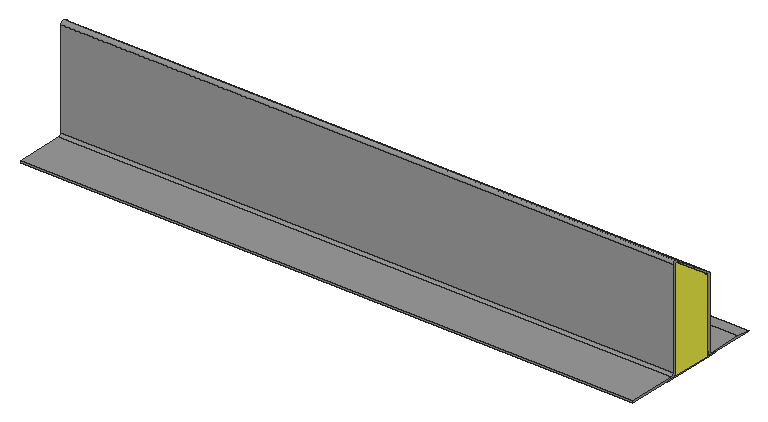
Revit family "HDK 90", category Generic Models, Revit 2014
Parameters (values of type "Max lintel length 4200mm")
  URL = "http://www.keystonelintels.co.uk"
  Structural Opening [instance] = 900 mm
  Structural Performance = "The Keystone lintel range has safe working loads as detailed in each applicable loading table in the Keystone Lintel Guide brochure. The structural performance figures within each table have been ascertained by testing in accordance with the requirements of standards BS EN 5977-2: 1983 and BS EN 845-2: 2003."
  RIBA Productor Selector = "available for Keystone Lintels Ltd from Keystone Lintels Ltd from ribaproductselector.com"
  Model = "HD/K 90"
  Min Length = 600 mm
  Min Clear Span = 300 mm
  Max Length = 4200 mm
  Max Clear Span = 4800 mm
  Material - Stainless Steel = "Grade 304 2b 1.4307 to BS EN 10088-2. Other grades available on request: contact manufacturer."
  Material - Galvanised Steel = "To BS EN 10346: 2009. DX51D plus Z600 or grade Z275 to BS 5977-2: 1983 (BS EN 845-2: 2003)."
  Manufacturer = "Keystone"
  Manufactured Length [instance] = (roundup(Effective Length / 150 mm) * 150 mm)  # 1200 mm
  Lintel height [instance] = 2100 mm
  Keynote = "F30/755"
  Fire Performance = "Keystone lintels have been subjected to a fire test (WARRES No. 101263) in accordance with BS 476-20: 1987, at Exova Warrington Fire and achieved a one hour fire performance."
  End Bearing = 150 mm
  Effective Length [instance] = Clear Opening with MIN MAX set + End Bearing * 2  # 1200 mm
  Corrosion = "Keystone’s standard range of lintels are manufactured from high quality grade pre-galvanized carbon steel with a zinc coating of 600"
  Contact Tel = "+44 (0)28 8676 2184"
  Contact Email = "info@keystonelintels.co.uk"
  Clear Opening with MIN MAX set [instance] = if(Structural Opening < Min Clear Span, Min Clear Span, (if(Structural Opening > Max Clear Span, Max Clear Span, Structural Opening)))  # 900 mm
  CPD Information = "Available for Keystone Lintels Ltd from ribacpd.com"
Reference planes
  plane 1 "Center (Front/Back)": y = 0
  plane 2: z = 0
  plane 3 "Center (Left/Right)": x = 0
  plane 4: x = -600
  plane 5: x = 600
  plane 6: z = 2100
  plane 7: x = -450
  plane 8: x = 450
Forms (mm)
  Extrusion 1, solid, material "Steel"
    sketch origin (0, 713.34, -509.243) x (0, 1, 0) y (0, 0, 1)
      loop
        line (-600.486, 2612.443) -> (-665.486, 2612.443)
        arc (-665.486, 2612.443) -> (-669.022, 2613.907) -> (-670.486, 2617.443) r 5
        line (-670.486, 2617.443) -> (-670.486, 2752.788)
        arc (-670.486, 2752.788) -> (-671.075, 2755.19) -> (-672.707, 2757.049) r 5.2
        line (-672.707, 2757.049) -> (-750.307, 2811.301)
        arc (-750.307, 2811.301) -> (-755.689, 2811.651) -> (-758.486, 2807.039) r 5.2
        line (-758.486, 2807.039) -> (-758.486, 2617.443)
        arc (-758.486, 2617.443) -> (-759.951, 2613.907) -> (-763.486, 2612.443) r 5
        line (-763.486, 2612.443) -> (-858.486, 2612.443) -> (-858.486, 2609.243) -> (-763.486, 2609.243)
        arc (-763.486, 2609.243) -> (-757.688, 2611.645) -> (-755.286, 2617.443) r 8.2
        line (-755.286, 2617.443) -> (-755.286, 2807.039)
        arc (-755.286, 2807.039) -> (-754.21, 2808.813) -> (-752.14, 2808.678) r 2
        line (-752.14, 2808.678) -> (-674.54, 2754.427)
        arc (-674.54, 2754.427) -> (-673.913, 2753.712) -> (-673.686, 2752.788) r 2
        line (-673.686, 2752.788) -> (-673.686, 2617.443)
        arc (-673.686, 2617.443) -> (-671.284, 2611.645) -> (-665.486, 2609.243) r 8.2
        line (-665.486, 2609.243) -> (-600.542, 2609.243) -> (-575.597, 2608.38) -> (-575.486, 2611.578) -> (-600.486, 2612.443)
    from -600 to 600
  Extrusion 2, solid, material "Insulation"
    sketch origin (0, 713.34, -509.243) x (0, 1, 0) y (0, 0, 1)
      loop
        arc (-665.486, 2609.243) -> (-671.284, 2611.645) -> (-673.686, 2617.443) r 8.2
        line (-673.686, 2617.443) -> (-673.686, 2752.788)
        arc (-673.686, 2752.788) -> (-673.913, 2753.712) -> (-674.54, 2754.427) r 2
        line (-674.54, 2754.427) -> (-752.14, 2808.678)
        arc (-752.14, 2808.678) -> (-754.21, 2808.813) -> (-755.286, 2807.039) r 2
        line (-755.286, 2807.039) -> (-755.286, 2617.443)
        arc (-755.286, 2617.443) -> (-757.688, 2611.645) -> (-763.486, 2609.243) r 8.2
        line (-763.486, 2609.243) -> (-674.986, 2609.243) -> (-674.986, 2617.243) -> (-673.986, 2617.243) -> (-673.986, 2609.243) -> (-665.486, 2609.243)
    from -600 to 600
  Extrusion 3, solid, material "Steel"
    sketch origin (0, 713.34, -509.243) x (0, 1, 0) y (0, 0, 1)
      loop
        line (-673.986, 2609.243) -> (-673.986, 2617.243) -> (-674.986, 2617.243) -> (-674.986, 2609.243) -> (-771.986, 2609.243) -> (-771.986, 2608.243) -> (-656.986, 2608.243) -> (-656.986, 2609.243) -> (-673.986, 2609.243)
    from -600 to 600
  Extrusion 4, solid, not visible
    sketch origin (0, 898.48, 1145.009) x (0, 1, 0) y (0, 0, 1)
      loop
        line (-600.486, 1012.443) -> (-665.486, 1012.443)
        arc (-665.486, 1012.443) -> (-669.022, 1013.907) -> (-670.486, 1017.443) r 5
        line (-670.486, 1017.443) -> (-670.486, 1152.788)
        arc (-670.486, 1152.788) -> (-671.075, 1155.19) -> (-672.707, 1157.049) r 5.2
        line (-672.707, 1157.049) -> (-750.307, 1211.301)
        arc (-750.307, 1211.301) -> (-755.689, 1211.651) -> (-758.486, 1207.039) r 5.2
        line (-758.486, 1207.039) -> (-758.486, 1017.443)
        arc (-758.486, 1017.443) -> (-759.951, 1013.907) -> (-763.486, 1012.443) r 5
        line (-763.486, 1012.443) -> (-858.486, 1012.443) -> (-858.486, 1009.243) -> (-763.486, 1009.243)
        arc (-763.486, 1009.243) -> (-757.688, 1011.645) -> (-755.286, 1017.443) r 8.2
        line (-755.286, 1017.443) -> (-755.286, 1207.039)
        arc (-755.286, 1207.039) -> (-754.21, 1208.813) -> (-752.14, 1208.678) r 2
        line (-752.14, 1208.678) -> (-674.54, 1154.427)
        arc (-674.54, 1154.427) -> (-673.913, 1153.712) -> (-673.686, 1152.788) r 2
        line (-673.686, 1152.788) -> (-673.686, 1017.443)
        arc (-673.686, 1017.443) -> (-671.284, 1011.645) -> (-665.486, 1009.243) r 8.2
        line (-665.486, 1009.243) -> (-600.542, 1009.243) -> (-575.597, 1008.38) -> (-575.486, 1011.578) -> (-600.486, 1012.443)
    from 0 to 250
  Extrusion 5, solid, not visible
    sketch origin (0, 617.79, 1150.381) x (0, 1, 0) y (0, 0, 1)
      loop
        arc (-665.486, 1009.243) -> (-671.284, 1011.645) -> (-673.686, 1017.443) r 8.2
        line (-673.686, 1017.443) -> (-673.686, 1152.788)
        arc (-673.686, 1152.788) -> (-673.913, 1153.712) -> (-674.54, 1154.427) r 2
        line (-674.54, 1154.427) -> (-752.14, 1208.678)
        arc (-752.14, 1208.678) -> (-754.21, 1208.813) -> (-755.286, 1207.039) r 2
        line (-755.286, 1207.039) -> (-755.286, 1017.443)
        arc (-755.286, 1017.443) -> (-757.688, 1011.645) -> (-763.486, 1009.243) r 8.2
        line (-763.486, 1009.243) -> (-674.986, 1009.243) -> (-674.986, 1017.243) -> (-673.986, 1017.243) -> (-673.986, 1009.243) -> (-665.486, 1009.243)
    from 0 to 250
  Extrusion 6, solid, not visible
    sketch origin (0, 874.397, 981.203) x (0, 1, 0) y (0, 0, 1)
      loop
        line (-673.986, 1009.243) -> (-673.986, 1017.243) -> (-674.986, 1017.243) -> (-674.986, 1009.243) -> (-771.986, 1009.243) -> (-771.986, 1008.243) -> (-656.986, 1008.243) -> (-656.986, 1009.243) -> (-673.986, 1009.243)
    from 0 to 250
Dimensions and locks
  equal spacing: plane 4, plane 3 "Center (Left/Right)", plane 5
  "Manufactured Length": plane 4 to plane 5
  "Lintel height": plane 6 to level
  "Structural Opening": plane 7 to plane 8
  equal spacing: plane 7, plane 3 "Center (Left/Right)", plane 8
  aligned and locked: level to plane 2
  aligned and locked: Extrusion 1 to plane 6
  aligned and locked: Extrusion 2 to plane 6
  aligned and locked: plane 6 to Extrusion 3
  aligned and locked: plane 5 to Extrusion 1
  aligned and locked: Extrusion 1 to plane 4
  aligned and locked: Extrusion 2 to plane 4
  aligned and locked: plane 5 to Extrusion 2
  aligned and locked: plane 5 to Extrusion 3
  aligned and locked: Extrusion 3 to plane 4
Automatic sketch dimensions
  Extrusion 1 sketch curve to Extrusion 1 sketch curve = 0.111 mm
  Extrusion 1 sketch curve to Extrusion 1 sketch curve = 25 mm
  Extrusion 1 sketch curve to Extrusion 1 sketch curve = 3.198 mm
  Extrusion 1 sketch curve to Extrusion 1 sketch curve = 0.055 mm
  Extrusion 1 sketch curve to Extrusion 1 sketch curve = 64.945 mm
  Extrusion 1 sketch curve to Extrusion 1 sketch curve = 0 mm  (x17)
  Extrusion 1 sketch curve to Extrusion 1 sketch curve = 5 mm  (x2)
  Extrusion 1 sketch curve to Extrusion 1 sketch curve = 135.345 mm
  Extrusion 1 sketch curve to Extrusion 1 sketch curve = 2 mm
  Extrusion 1 sketch curve to Extrusion 1 sketch curve = 0.854 mm
  Extrusion 1 sketch curve to Extrusion 1 sketch curve = 1.834 mm  (x2)
  Extrusion 1 sketch curve to Extrusion 1 sketch curve = 77.6 mm
  Extrusion 1 sketch curve to Extrusion 1 sketch curve = 54.252 mm
  Extrusion 1 sketch curve to Extrusion 1 sketch curve = 2.623 mm
  Extrusion 1 sketch curve to Extrusion 1 sketch curve = 1.146 mm
  Extrusion 1 sketch curve to Extrusion 1 sketch curve = 1.639 mm
  Extrusion 1 sketch curve to Extrusion 1 sketch curve = 95 mm
  Extrusion 2 sketch curve to Extrusion 2 sketch curve = 2 mm
  Extrusion 2 sketch curve to Extrusion 2 sketch curve = 1.146 mm  (x2)
  Extrusion 2 sketch curve to Extrusion 2 sketch curve = 77.6 mm
  Extrusion 2 sketch curve to Extrusion 2 sketch curve = 80.3 mm
  Extrusion 2 sketch curve to Extrusion 2 sketch curve = 1 mm
  Extrusion 2 sketch curve to Extrusion 2 sketch curve = 0.854 mm
  Extrusion 2 sketch curve to Extrusion 2 sketch curve = 8.5 mm
  Extrusion 2 sketch curve to Extrusion 2 sketch curve = 0 mm
  Extrusion 2 sketch curve to Extrusion 2 sketch curve = 0.2 mm
  Extrusion 2 sketch curve to Extrusion 2 sketch curve = 8.2 mm
  Extrusion 2 sketch curve to Extrusion 2 sketch curve = 135.345 mm
  Extrusion 2 sketch curve to Extrusion 2 sketch curve = 54.252 mm
  Extrusion 3 sketch curve to Extrusion 3 sketch curve = 17 mm
  Extrusion 3 sketch curve to Extrusion 3 sketch curve = 8 mm
  Extrusion 3 sketch curve to Extrusion 3 sketch curve = 1 mm  (x2)
  Extrusion 3 sketch curve to Extrusion 3 sketch curve = 0 mm
  Extrusion 3 sketch curve to Extrusion 3 sketch curve = 97 mm
  Extrusion 4 sketch curve to Extrusion 4 sketch curve = 0.111 mm
  Extrusion 4 sketch curve to Extrusion 4 sketch curve = 25 mm
  Extrusion 4 sketch curve to Extrusion 4 sketch curve = 3.198 mm
  Extrusion 4 sketch curve to Extrusion 4 sketch curve = 0.055 mm
  Extrusion 4 sketch curve to Extrusion 4 sketch curve = 64.945 mm
  Extrusion 4 sketch curve to Extrusion 4 sketch curve = 0 mm  (x17)
  Extrusion 4 sketch curve to Extrusion 4 sketch curve = 5 mm  (x2)
  Extrusion 4 sketch curve to Extrusion 4 sketch curve = 135.345 mm
  Extrusion 4 sketch curve to Extrusion 4 sketch curve = 2 mm
  Extrusion 4 sketch curve to Extrusion 4 sketch curve = 0.854 mm
  Extrusion 4 sketch curve to Extrusion 4 sketch curve = 1.834 mm  (x2)
  Extrusion 4 sketch curve to Extrusion 4 sketch curve = 77.6 mm
  Extrusion 4 sketch curve to Extrusion 4 sketch curve = 54.252 mm
  Extrusion 4 sketch curve to Extrusion 4 sketch curve = 2.623 mm
  Extrusion 4 sketch curve to Extrusion 4 sketch curve = 1.146 mm
  Extrusion 4 sketch curve to Extrusion 4 sketch curve = 1.639 mm
  Extrusion 4 sketch curve to Extrusion 4 sketch curve = 95 mm
  Extrusion 5 sketch curve to Extrusion 5 sketch curve = 2 mm
  Extrusion 5 sketch curve to Extrusion 5 sketch curve = 1.146 mm  (x2)
  Extrusion 5 sketch curve to Extrusion 5 sketch curve = 77.6 mm
  Extrusion 5 sketch curve to Extrusion 5 sketch curve = 80.3 mm
  Extrusion 5 sketch curve to Extrusion 5 sketch curve = 1 mm
  Extrusion 5 sketch curve to Extrusion 5 sketch curve = 0.854 mm
  Extrusion 5 sketch curve to Extrusion 5 sketch curve = 8.5 mm
  Extrusion 5 sketch curve to Extrusion 5 sketch curve = 0 mm
  Extrusion 5 sketch curve to Extrusion 5 sketch curve = 0.2 mm
  Extrusion 5 sketch curve to Extrusion 5 sketch curve = 8.2 mm
  Extrusion 5 sketch curve to Extrusion 5 sketch curve = 135.345 mm
  Extrusion 5 sketch curve to Extrusion 5 sketch curve = 54.252 mm
  Extrusion 6 sketch curve to Extrusion 6 sketch curve = 17 mm
  Extrusion 6 sketch curve to Extrusion 6 sketch curve = 8 mm
  Extrusion 6 sketch curve to Extrusion 6 sketch curve = 1 mm  (x2)
  Extrusion 6 sketch curve to Extrusion 6 sketch curve = 0 mm
  Extrusion 6 sketch curve to Extrusion 6 sketch curve = 97 mm
  Extrusion 1 sketch curve to plane 6 = 0 mm
  plane 1 "Center (Front/Back)" to Extrusion 1 sketch curve = 145.146 mm
  Extrusion 2 sketch curve to plane 6 = 0 mm
  plane 1 "Center (Front/Back)" to Extrusion 2 sketch curve = 50.146 mm
  Extrusion 3 sketch curve to plane 6 = 0 mm
  plane 1 "Center (Front/Back)" to Extrusion 3 sketch curve = 58.646 mm
